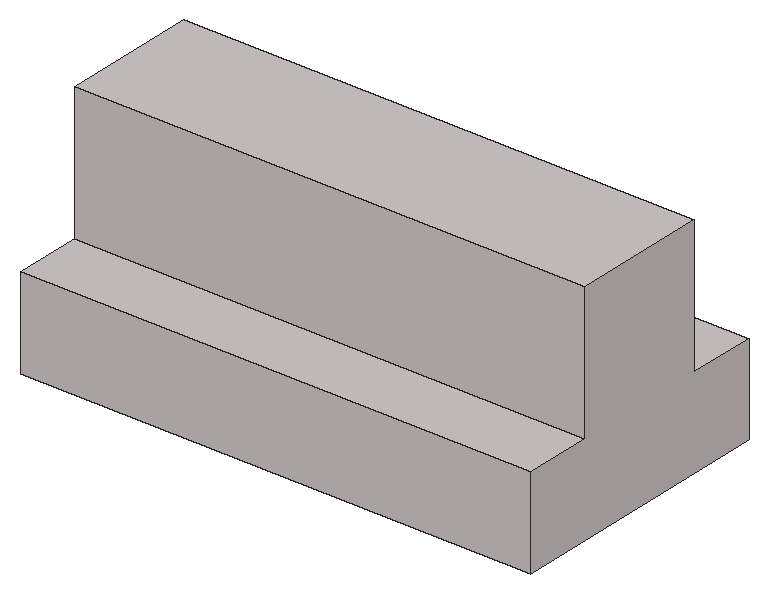
Revit family
Parameters (values of type "600 IT 500")
  시작 확장 계산 [instance] = 3012.5 mm + 시작 확장  # 3000 mm
  시작 확장 [instance] = -12.5 mm
  좌석 = 150 mm
  끝 확장 계산 [instance] = 3012.5 mm + 끝 확장  # 3000 mm
  끝 확장 [instance] = -12.5 mm
  보 재료 [instance] = 콘크리트 - 프리캐스트 콘크리트 - 35MPa
  Assembly Code = ""
  Length [instance] = 1524 mm
  b = 600 mm
  h = 500 mm
  h1 = 300 mm
Types (4, lengths in mm): name | h | h1
  (no name) | 500 | 300
  600 IT 500 | 500 | 300
  600 IT 700 | 700 | 400
  600 IT 1200 | 1200 | 800
Reference planes
  plane 1 "중심(앞/뒤)": y = 0
  plane 2: z = 0
  plane 3 "중심(왼쪽/오른쪽)": x = 4.61
  plane 4 "왼쪽 부재": x = -557.39
  plane 5 "오른쪽 부재": x = 566.61
  plane 6: y = 300
  plane 7: y = -300
  plane 8: z = 250
  plane 9 "하단": z = -250
  plane 10 "왼쪽": x = -757.39
  plane 11 "오른쪽": x = 766.61
  plane 12: x = -557.39
  plane 13: x = 566.61
  plane 14: x = 2442.61
  plane 15: x = -2433.39
Forms (mm)
  Sweep 1, solid, material "콘크리트 - 프리캐스트 콘크리트 - 35MPa" <- "보 재료"
    path origin (0, 0, 0) x (1, 0, 0) y (0, 1, 0)
      loop
        line (566.61, 0) -> (-557.39, 0)
    profile "M_반전된 T자형-프로파일 : M_반전된 T자형-프로파일" origin (4.61, 0, 0) x (0, -1, 0) y (0, 0, 1)
      loop
        line (300, -250) -> (300, -50) -> (150, -50) -> (150, 250) -> (-150, 250) -> (-150, -50) -> (-300, -50) -> (-300, -250) -> (300, -250)
Dimensions and locks
  "b": plane 6 to plane 7
  equal spacing: plane 9 "하단", plane 2, plane 8
  equal spacing: plane 6, plane 1 "중심(앞/뒤)", plane 7
  "h": plane 9 "하단" to plane 8
  "Length": plane 10 "왼쪽" to plane 11 "오른쪽"
  locked: plane 4 "왼쪽 부재" to plane 14 at 3000
  locked: plane 15 to plane 5 "오른쪽 부재" at 3000
  "시작 확장 계산": plane 12 to plane 14
  "끝 확장 계산": plane 15 to plane 13
  aligned and locked: Sweep 1 sketch curve to plane 1 "중심(앞/뒤)"
  aligned and locked: plane 12 to Sweep 1 sketch curve
  aligned and locked: plane 13 to Sweep 1 sketch curve
